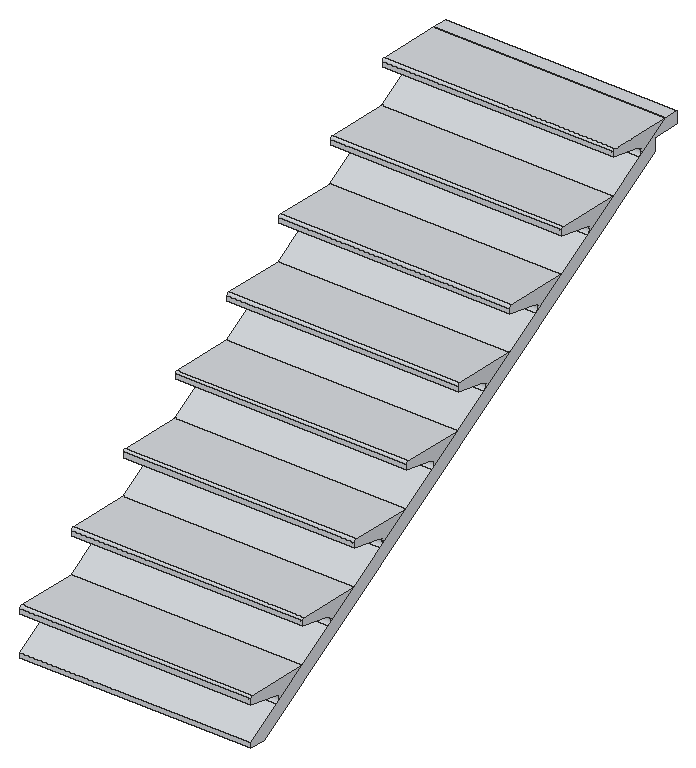
Revit family "Hi-Con Stairs V2", category Generic Models, Revit 2022
Family settings
  Can host rebar = No
  Round Connector Dimension = Use Diameter
  Part Type = Normal
  Work Plane-Based = No
  Always vertical = Yes
  Cut with Voids When Loaded = No
  Maintain Annotation Orientation = No
  Shared = No
  Room Calculation Point = No
Parameters
  Width = 1000 mm
  Tread = 280 mm
  Stringer [instance] = if(C < 50 mm, 50 mm, if(C > 150 mm, 150 mm, C))  # 55 mm
  Step Count = 8
  Riser = 180 mm
  Length = Step Count * Tread  # 2240 mm
  Height [instance] = Step Count * Riser  # 1440 mm
  Default Elevation = 0 mm
  C = roundup(B / 5 mm) * 5 mm  # 55 mm
  B = 21.4 mm * (2.7183 ^ (Length / 1 mm * 0.0004))  # 52.425 mm
  Angle A [instance] = atan(Riser / Tread)  # 32.7352°
Reference planes
  plane 1 "Center (Front/Back)": y = 0
  plane 2: z = 0
  plane 3 "Center (Left/Right)": x = 0
  plane 4: x = -500
  plane 5: x = 500
  plane 6: z = 200
  plane 7: z = 1460
  plane 8: z = 20
  plane 9: y = 280
  plane 10: y = 560
  plane 11: y = 1960
  plane 12: z = 380
  plane 13: z = 1280
  plane 14: y = 2240
Forms (mm)
  Extrusion 1, solid
    sketch origin (0, 0, 0) x (0, 1, 0) y (0, 0, 1)
      loop
        line (2300, 1460) -> (2240, 1460) -> (0, 20) -> (0, 0) -> (70.598, 0) -> (2180, 1356.044) -> (2180, 1410) -> (2300, 1410) -> (2300, 1460)
    from -500 to 500
Lines and regions (mm)
  reference lines
    curve 1: line (0, 0, 20) -> (0, 2240, 1460)
Dimensions and locks
  "Width": plane 4 to plane 5
  equal spacing: plane 4, plane 3 "Center (Left/Right)", plane 5
  locked: level to plane 8 at 20
  "Tread": plane 9 to plane 1 "Center (Front/Back)"
  "Tread": plane 10 to plane 9
  "Riser": plane 8 to plane 6
  "Riser": plane 12 to plane 6
  equal spacing: group 1, group 2, group 3, group 4, group 5, group 6, group 7, group 8  (x3)
  "Riser": plane 7 to plane 13
  "Height": plane 7 to plane 8
  "Length": plane 14 to plane 1 "Center (Front/Back)"
  "Tread": plane 14 to plane 11
  locked: plane 7 to Extrusion 1 sketch curve at 50
  "Stringer": curve 1 to Extrusion 1 sketch curve
  locked: Extrusion 1 sketch curve to plane 14 at 60
  "Angle A": angle curve 1 to plane 7
  aligned and locked: level to plane 2
  aligned and locked: plane 3 "Center (Left/Right)" to nested 1
  aligned and locked: plane 6 to nested 1
  aligned and locked: plane 7 to curve 1
  aligned and locked: plane 1 "Center (Front/Back)" to curve 1
  aligned and locked: plane 8 to curve 1
  aligned and locked: plane 1 "Center (Front/Back)" to nested 1
  aligned and locked: plane 9 to nested 2
  aligned and locked: plane 12 to nested 2
  aligned and locked: Extrusion 1 sketch curve to curve 1
  aligned and locked: plane 1 "Center (Front/Back)" to Extrusion 1 sketch curve
  aligned and locked: level to Extrusion 1 sketch curve
  aligned and locked: Extrusion 1 to plane 4
  aligned and locked: plane 5 to Extrusion 1
Automatic sketch dimensions
  plane 7 to Extrusion 1 sketch curve = 0 mm
  Extrusion 1 sketch curve to plane 14 = 60 mm
Nested families
  nested 1: "Step" at (0, 280, 200), Tread Width <- "Width", Tread Depth <- "Tread", Step Angle <- "Angle A", type "Step"
    with Tread Width 1000 mm, Tread Depth 280 mm, Step Angle 32.7352°
  nested 2: "Step" at (0, 560, 380), Tread Width <- "Width", Tread Depth <- "Tread", Step Angle <- "Angle A", type "Step"
    with Tread Width 1000 mm, Tread Depth 280 mm, Step Angle 32.7352°
  nested 3: "Step" at (0, 840, 560), Tread Width <- "Width", Tread Depth <- "Tread", Step Angle <- "Angle A", type "Step"
    with Tread Width 1000 mm, Tread Depth 280 mm, Step Angle 32.7352°
  nested 4: "Step" at (0, 1120, 740), Tread Width <- "Width", Tread Depth <- "Tread", Step Angle <- "Angle A", type "Step"
    with Tread Width 1000 mm, Tread Depth 280 mm, Step Angle 32.7352°
  nested 5: "Step" at (0, 1400, 920), Tread Width <- "Width", Tread Depth <- "Tread", Step Angle <- "Angle A", type "Step"
    with Tread Width 1000 mm, Tread Depth 280 mm, Step Angle 32.7352°
  nested 6: "Step" at (0, 1680, 1100), Tread Width <- "Width", Tread Depth <- "Tread", Step Angle <- "Angle A", type "Step"
    with Tread Width 1000 mm, Tread Depth 280 mm, Step Angle 32.7352°
  nested 7: "Step" at (0, 1960, 1280), Tread Width <- "Width", Tread Depth <- "Tread", Step Angle <- "Angle A", type "Step"
    with Tread Width 1000 mm, Tread Depth 280 mm, Step Angle 32.7352°
  nested 8: "Step" at (0, 2240, 1460), Tread Width <- "Width", Tread Depth <- "Tread", Step Angle <- "Angle A", type "Step"
    with Tread Width 1000 mm, Tread Depth 280 mm, Step Angle 32.7352°
Definition of nested family "Step"
  Parameters (values of type "Step")
    Tread Width [instance] = 1000 mm
    Tread Depth [instance] = 280 mm
    Step Angle [instance] = 32.5902°
    R2 = 20 mm
    R1 = 10 mm
    Default Elevation = 0 mm
  Reference planes
    plane 1 "Center (Front/Back)": y = 0
    plane 2: z = 0
    plane 3 "Center (Left/Right)": x = 0
    plane 4: x = -500
    plane 5: x = 500
    plane 6: y = -280
  Forms (mm)
    Extrusion 1, solid
      sketch origin (0, 0, 0) x (0, 1, 0) y (0, 0, 1)
        loop
          arc (-270, 0) -> (-277.071, -2.929) -> (-280, -10) r 10
          line (-280, -10) -> (-280, -30) -> (-147.846, -53.302)
          arc (-147.846, -53.302) -> (-131.706, -69.081) -> (-140.546, -89.849) r 20
          line (-140.546, -89.849) -> (0, 0) -> (-270, 0)
      from -500 to 500
  Dimensions and locks
    equal spacing: plane 4, plane 3 "Center (Left/Right)", plane 5
    "Tread Width": plane 4 to plane 5
    "Tread Depth": plane 1 "Center (Front/Back)" to plane 6
    "R1": radius of Extrusion 1 sketch curve
    "R2": radius of Extrusion 1 sketch curve
    "Step Angle": angle Extrusion 1 sketch curve to level
    locked: Extrusion 1 sketch curve to Extrusion 1 sketch curve (angle 100.00°)
    aligned and locked: level to plane 2
    aligned and locked: Extrusion 1 to plane 4
    aligned and locked: plane 5 to Extrusion 1
    aligned and locked: plane 1 "Center (Front/Back)" to Extrusion 1 sketch curve
    aligned and locked: Extrusion 1 sketch curve to plane 6
  Automatic sketch dimensions
    Extrusion 1 sketch curve to level = 0 mm
    Extrusion 1 sketch curve to level = 72.998 mm
    Extrusion 1 sketch curve to level = 53.302 mm
    Extrusion 1 sketch curve to level = 89.849 mm
